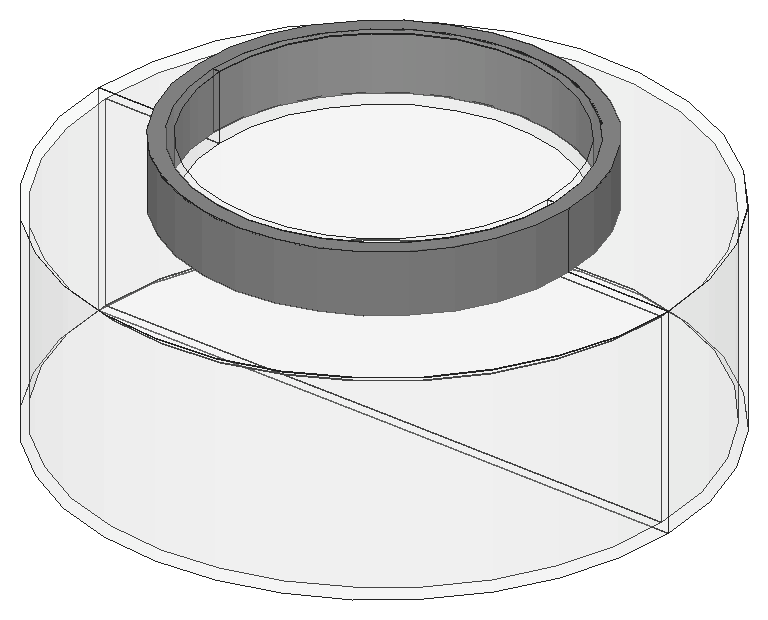
Revit family "M_Iluminação de forro - Redonda plana", category Luminárias, Revit 2019
Family settings
  Hospedeiro = Forro
  Cota do conector redondo = Utilizar diâmetro
  Tipo de parte = Normal
  Número OmniClass = 23.80.70.11.11
  Título OmniClass = General Luminaries, Non Directional
  ID de item do Seek = Ceiling Light - Flat Round-0000-CAN-ENU
  Sempre na vertical = Sim
  Corte com vazios quando carregada = Não
  Fonte luminosa = Sim
  Compartilhado = Não
  Ponto de cálculo do ambiente = Não
Parameters (values of type "100W - 120V")
  Wattage Comments = ""
  Wattage = 100 W
  built-in parameter 1150110 = 1 (stored number, unit not read)
  built-in parameter 1114217 = 1 (stored number, unit not read)
  built-in parameter 1150109 = 1 (stored number, unit not read)
  built-in parameter 1150134 = 4
  built-in parameter 1150113 = 1 (stored number, unit not read)
  built-in parameter 1150115 = 1 (stored number, unit not read)
  built-in parameter 1150105 = 557.04 (stored number, unit not read)
  Classificação de carga = Iluminação - Unidade de interrupção
  Light Source Symbol Size = 609.6 mm
  built-in parameter 1150137 = 1
  built-in parameter 1150139 = (empty or 0)
  Material da caixa de luz = Aço, acabamento de pintura, cinza escuro, fosco
  built-in parameter 1150112 = 1 (stored number, unit not read)
  built-in parameter 1150114 = 1 (stored number, unit not read)
  Lâmpada = "A-19"
  built-in parameter 1150132 = (empty or 0)
  built-in parameter 1150102 = (empty or 0)
  built-in parameter 1150138 = (empty or 0)
  built-in parameter 1150107 = 2800 (stored number, unit not read)
  built-in parameter 1150106 = 5.5704 (stored number, unit not read)
  Emitir do diâmetro do círculo = 250 mm
  Emitir forma visível na renderização = no
  built-in parameter 1150104 = 1.6258 (stored number, unit not read)
  Troca de temperatura da cor de lâmpada com esmaecimento = <Nenhum>
  Material do difusor = Vidro, Branco, Alta Luminosidade
  Color Filter = 16777215
  built-in parameter 1140040 [instance] = 1
  Voltagem do transformador = 120 V
  Transformador por número de postes = 1
  built-in parameter 1114218 = 1 (stored number, unit not read)
  built-in parameter 1150133 = 10 (stored number, unit not read)
  Código de montagem = "D5020220"
  Lumens = 1750 lm
  Apparent Load = 100 VA
Types (5, lengths in mm): name | Wattage | built-in parameter 1150105 | built-in parameter 1150106 | built-in parameter 1150104 | Voltagem do transformador | Lumens | Apparent Load
  (no name) | 100 W | 557.04 (stored number, unit not read) | 5.5704 (stored number, unit not read) | 1.6258 (stored number, unit not read) | 120 V | 1750 lm | 100 VA
  60W - 120V | 60 W | 272.15 (stored number, unit not read) | 2.7215 (stored number, unit not read) | 1.3239 (stored number, unit not read) | 120 V | 855 lm | 60 VA
  60W - 277V | 60 W | 272.15 (stored number, unit not read) | 2.7215 (stored number, unit not read) | 1.3239 (stored number, unit not read) | 277 V | 855 lm | 60 VA
  100W - 120V | 100 W | 557.04 (stored number, unit not read) | 5.5704 (stored number, unit not read) | 1.6258 (stored number, unit not read) | 120 V | 1750 lm | 100 VA
  100W - 277V | 100 W | 557.04 (stored number, unit not read) | 5.5704 (stored number, unit not read) | 1.6258 (stored number, unit not read) | 277 V | 1750 lm | 100 VA
Reference planes
  plane 1 "Centro (Frente/Trás)": y = 0
  plane 2 "Forro": z = 2438.4
  plane 3 "Centro (Esquerda/Direita)": x = 0
  plane 4 "Elevação da origem da luz": z = 2387.6
  plane 5: x = -76.2
  plane 6: x = -127
  plane 7: z = 2324.1
  plane 8: z = 2413
Forms (mm)
  Revolve 1, solid, material "Vidro, Branco, Alta Luminosidade" <- "Material do difusor"
    sketch origin (0, 0, 0) x (0, 0, -1) y (1, 0, 0)
      loop
        line (-2438.4, -76.2) -> (-2413, -76.2) -> (-2413, -127) -> (-2324.1, -127) -> (-2324.1, 0) -> (-2327.275, 0) -> (-2327.275, -123.825) -> (-2409.825, -123.825) -> (-2409.825, -73.025) -> (-2438.4, -73.025) -> (-2438.4, -76.2)
      axis (-2438.4, 0) -> (-2324.1, 0)
    angle from 0 to 360
  Extrusion 2, solid, material "Aço, acabamento de pintura, cinza escuro, fosco" <- "Material da caixa de luz"
    sketch origin (0, 0, 2438.4) x (1, 0, 0) y (0, 1, 0)
      loop
        circle (0, 0) r 82.55
      loop
        circle (0, 0) r 76.2
    from -25.4 to 0
Lines and regions (mm)
  model lines
    curve 1: arc (-73.025, 0, 2438.4) -> (0, 73.025, 2438.4) -> (73.025, 0, 2438.4) r 73.025
    curve 2: arc (73.025, 0, 2438.4) -> (0, -73.025, 2438.4) -> (-73.025, 0, 2438.4) r 73.025
  symbolic lines
    curve 3: arc (0.199, -127, 0) -> (0, 127, 0) -> (-0.199, -127, 0) r 127
Dimensions and locks
  equal spacing: host sketch curve, plane 3 "Centro (Esquerda/Direita)", host sketch curve
  equal spacing: host sketch curve, plane 1 "Centro (Frente/Trás)", host sketch curve
  host sketch curve to host sketch curve = 3048 mm  (x2)
  plane 2 "Forro" to plane 7 = 114.3 mm
  plane 6 to plane 3 "Centro (Esquerda/Direita)" = 127 mm
  aligned and locked: curve 1 to Revolve 1
  aligned and locked: Revolve 1 to Extrusion 2
  aligned and locked: plane 2 "Forro" to Extrusion 2
  aligned and locked: plane 3 "Centro (Esquerda/Direita)" to imposter light
  aligned and locked: plane 1 "Centro (Frente/Trás)" to imposter light
  aligned and locked: plane 4 "Elevação da origem da luz" to imposter light
Automatic sketch dimensions
  Revolve 1 sketch curve to plane 3 "Centro (Esquerda/Direita)" = 0 mm  (x2)
  Revolve 1 sketch curve to plane 2 "Forro" = 0 mm
  Revolve 1 sketch curve to plane 5 = 0 mm
  Revolve 1 sketch curve to plane 8 = 0 mm
  Revolve 1 sketch curve to plane 7 = 0 mm
  Revolve 1 sketch curve to plane 6 = 0 mm
  plane 2 "Forro" to Revolve 1 sketch curve = 25.4 mm
  plane 8 to Revolve 1 sketch curve = 3.175 mm
  Revolve 1 sketch curve to plane 7 = 3.175 mm
  plane 7 to Revolve 1 sketch curve = 25.4 mm
  Revolve 1 sketch curve to plane 6 = 3.175 mm
  Revolve 1 sketch curve to plane 5 = 3.175 mm
  Extrusion 2 sketch curve to plane 1 "Centro (Frente/Trás)" = 0 mm  (x2)
  Extrusion 2 sketch curve to plane 3 "Centro (Esquerda/Direita)" = 0 mm  (x2)
  Extrusion 2 sketch curve to plane 3 "Centro (Esquerda/Direita)" = 76.2 mm
  Extrusion 2 sketch curve to Extrusion 2 sketch curve = 6.35 mm
  curve 3 to plane 1 "Centro (Frente/Trás)" = 0 mm
  curve 3 to plane 3 "Centro (Esquerda/Direita)" = 0 mm
  radius of curve 3 = 127 mm
Connectors
  electrical at (0, 0, 2324.1), driven by "Apparent Load", driven by "Voltagem do transformador", driven by "Transformador por número de postes", driven by "Classificação de carga"
    settings: on Revolve 1, index 1, voltage 120 V, apparent load 0 VA, apparent load phase1 100 VA, apparent load phase2 0 VA, apparent load phase3 0 VA, power factor 0.95, load classification "Iluminação - Unidade de interrupção", number of poles 1, system type 31, power factor state 1, is connector primary yes, connector utility no, sub classification motor no, connector description ""
